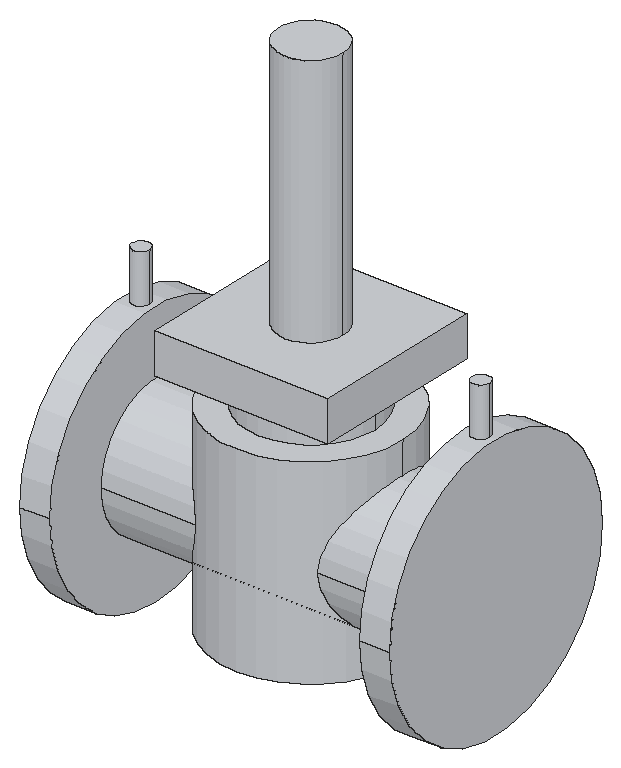
Revit family "OPTIMA_Compact_FLANGE_PN16_DN050-LF_RFA_2018", category Pipe Accessories, Revit 2018
Family settings
  Round Connector Dimension = Use Diameter
  Part Type = Valve - Breaks Into
  Work Plane-Based = No
  Always vertical = Yes
  Cut with Voids When Loaded = No
  Shared = No
Parameters (values of type "Optima Compact Flange PN16 DN050 LF")
  magiProductId = "Frese Optima Flange DN050 LF"
  magiProductFamilyId = "Frese Optima Flange *"
  magiPartTypeId = 304
  isMeasuringValve [instance] = no
  ang2D [instance] = 0.00°
  W2D = 50 mm
  VersionID = "2.0/2018.8.28.1/FRESE_OPTIMA_FLANGE_Q13_002"
  Use Minimum Symbol Size [instance] = yes
  URL = "www.hydronix.cz"
  Type Comments = "Přírubový; PN16; 0~120°C, s měřením"
  R4 = 40.3 mm
  R3 = 42.9 mm
  R1 = 57.5 mm
  QmdConnectorList = "301;D;302;D"
  Productdata [instance] = ""
  Manufacturer = "Hydronix"
  MC Product Code = "53-1200 (DN50 LF; 20mm; pohon min 1000N; Qmin-dpmin 2500l/h-6.5kPa; Qmax-dpmin 15000l/h-20.0kPa; dpmax 800kPa)"
  MC Piping Given Pressure Drop [instance] = 0.0 Pa
  LF__ve = -LF  # -18.4 mm
  LF2 = 9.2 mm
  LF = 18.4 mm
  L4 = 108.1 mm
  L3 = 193.2 mm
  L2D_Min = 3048 mm
  L2D = 230 mm
  L2 = 115 mm
  H6 = 157.3 mm
  H4 = 24.8 mm
  H3 = 20.6 mm
  H2 = 61.9 mm
  H1 = 123.8 mm
  Description = "Tlakově nezávislý 2-cestný regulační vyvažovací ventil (PICV)"
  DF2 = 82.5 mm
  D = 50 mm
  CAT0 = yes
Types (14, lengths in mm): name | magiProductId | magiProductFamilyId | W2D | Type Comments | R4 | R3 | R1 | MC Product Code | LF__ve | LF2 | LF | L4 | L3 | L2D | L2 | H6 | H4 | H3 | H2 | H1 | DF2 | D
  Optima Compact Flange PN16 DN050 LF | "Frese Optima Flange DN050 LF" | "Frese Optima Flange *" | 50 | "Přírubový; PN16; 0~120°C, s měřením" | 40.3 | 42.9 | 57.5 | "53-1200 (DN50 LF; 20mm; pohon min 1000N; Qmin-dpmin 2500l/h-6.5kPa; Qmax-dpmin 15000l/h-20.0kPa; dpmax 800kPa)" | -18.4 | 9.2 | 18.4 | 108.1 | 193.2 | 230 | 115 | 157.3 | 24.8 | 20.6 | 61.9 | 123.8 | 82.5 | 50
  Optima Compact Flange PN16 DN050 HF | "Frese Optima Flange DN050 HF" | "Frese Optima Flange *" | 50 | "Přírubový; PN16; 0~120°C, s měřením" | 40.25 | 42.9 | 57.5 | "53-1210 (DN50 HF; 20mm; pohon min 1000N; Qmin-dpmin 3900l/h-19.0kPa; Qmax-dpmin 24000l/h-50.0kPa; dpmax 800kPa)" | -18.4 | 9.2 | 18.4 | 108.1 | 193.2 | 230 | 115 | 157.25 | 24.75 | 20.625 | 61.875 | 123.75 | 82.5 | 50
  Optima Compact Flange PN16 DN065 LF | "Frese Optima Flange DN065 LF" | "Frese Optima Flange *" | 50 | "Přírubový; PN16; 0~120°C, s měřením" | 50.75 | 48.1 | 72.5 | "53-1201 (DN65 LF; 20mm; pohon min 1000N; Qmin-dpmin 4400l/h-15.0kPa; Qmax-dpmin 25000l/h-25.0kPa; dpmax 800kPa)" | -23.2 | 11.6 | 23.2 | 136.3 | 243.6 | 230 | 145 | 171.25 | 27.75 | 23.125 | 69.375 | 138.75 | 92.5 | 65
  Optima Compact Flange PN16 DN065 HF | "Frese Optima Flange DN065 HF" | "Frese Optima Flange *" | 50 | "Přírubový; PN16; 0~120°C, s měřením" | 50.75 | 48.1 | 72.5 | "53-1211 (DN65 HF; 20mm; pohon min 1000N; Qmin-dpmin 6000l/h-30.0kPa; Qmax-dpmin 35000l/h-55.0kPa; dpmax 800kPa)" | -23.2 | 11.6 | 23.2 | 136.3 | 243.6 | 230 | 145 | 171.25 | 27.75 | 23.125 | 69.375 | 138.75 | 92.5 | 65
  Optima Compact Flange PN16 DN080 LF | "Frese Optima Flange DN080 LF" | "Frese Optima Flange *" | 50 | "Přírubový; PN16; 0~120°C, s měřením" | 54.25 | 52 | 77.5 | "53-1202 (DN80 LF; 20mm; pohon min 1000N; Qmin-dpmin 5300l/h-16.0kPa; Qmax-dpmin 34000l/h-25.0kPa; dpmax 800kPa)" | -24.8 | 12.4 | 24.8 | 145.7 | 260.4 | 230 | 155 | 183 | 30 | 25 | 75 | 150 | 100 | 80
  Optima Compact Flange PN16 DN080 HF | "Frese Optima Flange DN080 HF" | "Frese Optima Flange *" | 50 | "Přírubový; PN16; 0~120°C, s měřením" | 54.25 | 52 | 77.5 | "53-1212 (DN80 HF; 20mm; pohon min 1000N; Qmin-dpmin 7000l/h-23.0kPa; Qmax-dpmin 43000l/h-50.0kPa; dpmax 800kPa)" | -24.8 | 12.4 | 24.8 | 145.7 | 260.4 | 230 | 155 | 183 | 30 | 25 | 75 | 150 | 100 | 80
  Optima Compact Flange PN16 DN100 LF | "Frese Optima Flange DN100 LF" | "Frese Optima Flange *" | 50 | "Přírubový; PN16; 0~120°C, s měřením" | 61.25 | 61.1 | 87.5 | "53-1203 (DN100 LF; 40mm; pohon min 1000N; Qmin-dpmin 12100l/h-20.0kPa; Qmax-dpmin 68000l/h-35.0kPa; dpmax 800kPa)" | -28 | 14 | 28 | 164.5 | 294 | 230 | 175 | 268.75 | 35.25 | 29.375 | 88.125 | 176.25 | 117.5 | 100
  Optima Compact Flange PN16 DN100 HF | "Frese Optima Flange DN100 HF" | "Frese Optima Flange *" | 50 | "Přírubový; PN16; 0~120°C, s měřením" | 61.25 | 61.1 | 87.5 | "53-1213 (DN100 HF; 40mm; pohon min 1000N; Qmin-dpmin 14800l/h-30.0kPa; Qmax-dpmin 90000l/h-75.0kPa; dpmax 800kPa)" | -28 | 14 | 28 | 164.5 | 294 | 230 | 175 | 268.75 | 35.25 | 29.375 | 88.125 | 176.25 | 117.5 | 100
  Optima Compact Flange PN16 DN125 LF | "Frese Optima Flange DN125 LF" | "Frese Optima Flange *" | 50 | "Přírubový; PN16; 0~120°C, s měřením" | 70 | 70.2 | 100 | "53-1204 (DN125 LF; 40mm; pohon min 1000N; Qmin-dpmin 18500l/h-16.0kPa; Qmax-dpmin 110000l/h-35.0kPa; dpmax 800kPa)" | -32 | 16 | 32 | 188 | 336 | 230 | 200 | 275.5 | 40.5 | 33.75 | 101.25 | 202.5 | 135 | 125
  Optima Compact Flange PN16 DN125 HF | "Frese Optima Flange DN125 HF" | "Frese Optima Flange *" | 50 | "Přírubový; PN16; 0~120°C, s měřením" | 70 | 70.2 | 100 | "53-1214 (DN125 HF; 40mm; pohon min 1000N; Qmin-dpmin 23000l/h-27.0kPa; Qmax-dpmin 135000l/h-53.0kPa; dpmax 800kPa)" | -32 | 16 | 32 | 188 | 336 | 230 | 200 | 275.5 | 40.5 | 33.75 | 101.25 | 202.5 | 135 | 125
  Optima Compact Flange PN16 DN150 LF | "Frese Optima Flange DN150 LF" | "Frese Optima Flange *" | 50 | "Přírubový; PN16; 0~110°C, s měřením" | 84 | 74.1 | 120 | "53-1205 (DN150 LF; 43mm; pohon min 1500N; Qmin-dpmin 25600l/h-21.0kPa; Qmax-dpmin 148000l/h-35.0kPa; dpmax 800kPa)" | -38.4 | 19.2 | 38.4 | 225.6 | 403.2 | 230 | 240 | 279.25 | 42.75 | 35.625 | 106.875 | 213.75 | 142.5 | 150
  Optima Compact Flange PN16 DN150 HF | "Frese Optima Flange DN150 HF" | "Frese Optima Flange *" | 50 | "Přírubový; PN16; 0~110°C, s měřením" | 84 | 74.1 | 120 | "53-1215 (DN150 HF; 43mm; pohon min 1500N; Qmin-dpmin 32000l/h-33.0kPa; Qmax-dpmin 195000l/h-65.0kPa; dpmax 800kPa)" | -38.4 | 19.2 | 38.4 | 225.6 | 403.2 | 230 | 240 | 279.25 | 42.75 | 35.625 | 106.875 | 213.75 | 142.5 | 150
  Optima Compact Flange PN16 DN200 LF | "" | "" | 100 | "Přírubový; PN16; 0~110°C, s měřením" | 164.5 | 98.8 | 235 | "53-1206 (DN200 LF; 43mm; pohon min 1500N; Qmin-dpmin 95000l/h-11.0kPa; Qmax-dpmin 210000l/h-32.0kPa; dpmax 800kPa)" | -48 | 24 | 48 | 282 | 504 | 350 | 300 | 281 | 57 | 15 | 209 | 380 | 190 | 200
  Optima Compact Flange PN16 DN200 HF | "" | "" | 100 | "Přírubový; PN16; 0~110°C, s měřením" | 164.5 | 98.8 | 235 | "53-1216 (DN200 HF; 43mm; pohon min 1500N; Qmin-dpmin 130000l/h-31.0kPa; Qmax-dpmin 280000l/h-78.0kPa; dpmax 800kPa)" | -48 | 24 | 48 | 282 | 504 | 350 | 300 | 281 | 57 | 15 | 209 | 380 | 190 | 200
Reference planes
  plane 1 "Center (Front/Back)": y = 0
  plane 2 "XYPLANE": z = 0
  plane 3 "Center (Left/Right)": x = 0
  plane 4 "157": x = 105.8
  plane 5 "156": x = -105.8
  plane 6 "155": z = 82.5
  plane 7 "154": z = 107.3
  plane 8 "153": z = 82.5
  plane 9 "152": z = 61.9
  plane 10 "151": x = -96.6
  plane 11 "150": z = -61.9
  plane 12 "149": x = 0
  plane 13 "148": y = 0
  plane 14 "147": z = 0
  plane 15 "146": x = -115
  plane 16 "145": x = 115
Forms (mm)
  Extrusion 1, solid, visible <- "CAT0"
    sketch origin (-750, 0, 82.5) x (1, 0, 0) y (0, 1, 0)
      loop
        circle (855.8, 0) r 5.5
    from 0 to 30
  Extrusion 2, solid, visible <- "CAT0"
    sketch origin (-750, 0, 82.5) x (1, 0, 0) y (0, 1, 0)
      loop
        circle (644.2, 0) r 5.5
    from 0 to 30
  Extrusion 3, solid, visible <- "CAT0"
    sketch origin (-750, 0, 107.3) x (1, 0, 0) y (0, 1, 0)
      loop
        circle (750, 0) r 20
    from 0 to 157.3 <- "H6"
  Extrusion 4, solid, visible <- "CAT0"
    sketch origin (-750, 0, 82.5) x (1, 0, 0) y (0, 1, 0)
      loop
        line (804.05, 54.05) -> (695.95, 54.05) -> (695.95, -54.05) -> (804.05, -54.05) -> (804.05, 54.05)
    from 0 to 24.8 <- "H4"
  Extrusion 5, solid, visible <- "CAT0"
    sketch origin (-750, 0, 61.9) x (1, 0, 0) y (0, 1, 0)
      loop
        circle (750, 0) r 40.3
    from 0 to 20.6 <- "H3"
  Extrusion 6, solid, visible <- "CAT0"
    sketch origin (-96.6, -750, 0) x (0, 1, 0) y (0, 0, 1)
      loop
        circle (750, 0) r 42.9
    from 0 to 193.2 <- "L3"
  Extrusion 7, solid, visible <- "CAT0"
    sketch origin (-750, 0, -61.9) x (1, 0, 0) y (0, 1, 0)
      loop
        circle (750, 0) r 57.5
    from 0 to 123.8 <- "H1"
  Extrusion 8, solid, visible <- "CAT0"
    sketch origin (-115, -750, 0) x (0, 1, 0) y (0, 0, 1)
      loop
        circle (750, 0) r 82.5
    from 0 to 18.4 <- "LF"
  Extrusion 9, solid, visible <- "CAT0"
    sketch origin (115, -750, 0) x (0, 1, 0) y (0, 0, 1)
      loop
        circle (750, 0) r 82.5
    from 0 to -18.4 <- "LF__ve"
  Extrusion 10, solid, not visible
    sketch origin (-115, -750, 0) x (0, 1, 0) y (0, 0, 1)
      loop
        circle (750, 0) r 10
    from 0 to 10
  Extrusion 11, solid, not visible
    sketch origin (115, -750, 0) x (0, 1, 0) y (0, 0, 1)
      loop
        circle (750, 0) r 10
    from 0 to -10
Lines and regions (mm)
  reference lines, not visible
    curve 1: circle (2, 2, 0) r 1 normal (0, 0, 1)
  reference lines
    curve 2: circle (0, 0, 82.5) r 1 normal (0, 0, 1)
Dimensions and locks
  plane 1 "Center (Front/Back)" to curve 1 = 2 mm
  "LF2": plane 16 "145" to plane 4 "157"
  "LF2": plane 15 "146" to plane 5 "156"
  "DF2": plane 2 "XYPLANE" to plane 6 "155"
  "H4": plane 8 "153" to plane 7 "154"
  "H3": plane 9 "152" to plane 8 "153"
  "H1": plane 11 "150" to plane 9 "152"
  "LF": plane 15 "146" to plane 10 "151"
  "H2": plane 2 "XYPLANE" to plane 11 "150"
  locked: plane 3 "Center (Left/Right)" to plane 12 "149"
  locked: plane 1 "Center (Front/Back)" to plane 13 "148"
  locked: plane 2 "XYPLANE" to plane 14 "147"
  "L2": plane 3 "Center (Left/Right)" to plane 15 "146"
  "L2": plane 3 "Center (Left/Right)" to plane 16 "145"
  equal spacing: Extrusion 4 sketch curve, curve 2, Extrusion 4 sketch curve  (x2)
  "L4": Extrusion 4 sketch curve to Extrusion 4 sketch curve  (x2)
  Extrusion 4 sketch curve to Extrusion 4 sketch curve = 0 mm  (x8)
  "R4": radius of Extrusion 5 sketch curve
  "R3": radius of Extrusion 6 sketch curve
  "R1": radius of Extrusion 7 sketch curve
  "DF2": radius of Extrusion 8 sketch curve
  "DF2": radius of Extrusion 9 sketch curve
  aligned and locked: level to plane 2 "XYPLANE"
  aligned and locked: plane 4 "157" to Extrusion 1 sketch curve
  aligned and locked: plane 13 "148" to Extrusion 1 sketch curve
  aligned and locked: plane 5 "156" to Extrusion 2 sketch curve
  aligned and locked: plane 13 "148" to Extrusion 2 sketch curve
  aligned and locked: plane 12 "149" to Extrusion 3 sketch curve
  aligned and locked: plane 13 "148" to Extrusion 3 sketch curve
  aligned and locked: plane 12 "149" to curve 2
  aligned and locked: plane 13 "148" to curve 2
  aligned and locked: plane 12 "149" to Extrusion 5 sketch curve
  aligned and locked: plane 13 "148" to Extrusion 5 sketch curve
  aligned and locked: Extrusion 6 sketch curve to plane 13 "148"
  aligned and locked: plane 14 "147" to Extrusion 6 sketch curve
  aligned and locked: plane 12 "149" to Extrusion 7 sketch curve
  aligned and locked: plane 13 "148" to Extrusion 7 sketch curve
  aligned and locked: Extrusion 8 sketch curve to plane 13 "148"
  aligned and locked: plane 14 "147" to Extrusion 8 sketch curve
  aligned and locked: Extrusion 9 sketch curve to plane 13 "148"
  aligned and locked: plane 14 "147" to Extrusion 9 sketch curve
  aligned and locked: Extrusion 10 sketch curve to plane 13 "148"
  aligned and locked: plane 14 "147" to Extrusion 10 sketch curve
  aligned and locked: Extrusion 11 sketch curve to plane 13 "148"
  aligned and locked: plane 14 "147" to Extrusion 11 sketch curve
Automatic sketch dimensions
  Extrusion 1 sketch curve to plane 4 "157" = 5.5 mm
  plane 15 "146" to Extrusion 2 sketch curve = 3.7 mm
  Extrusion 3 sketch curve to plane 3 "Center (Left/Right)" = 20 mm
  plane 1 "Center (Front/Back)" to Extrusion 10 sketch curve = 10 mm
  plane 1 "Center (Front/Back)" to Extrusion 11 sketch curve = 10 mm
  plane 3 "Center (Left/Right)" to curve 1 = 2 mm
  plane 10 "151" to Extrusion 4 sketch curve = 42.55 mm
  plane 1 "Center (Front/Back)" to Extrusion 4 sketch curve = 54.05 mm
  radius of curve 2 = 1 mm
  radius of curve 1 = 1 mm
Connectors
  piping at (-115, 0, 0), diameter 50, driven by "D"
    settings: on Extrusion 10, index 1, connector inside diameter 609.6 mm, connector length 0 mm, flow factor 0, pipe flow 0.0 L/s, pressure drop 0.0 Pa, fitting loss kfactor 0, connector angle 0.00°, fixture units 0, engagement length 0 mm, angle of deflection 0.00°, flow configuration 0, flow direction 0, fitting loss method 0, system type 29, joint type 0, gender type 0, connector reference index 2, connector utility 0, adjustable connector no, is connector primary yes, connector description ""
  piping at (115, 0, 0), diameter 50, driven by "D"
    settings: on Extrusion 11, index 2, connector inside diameter 609.6 mm, connector length 0 mm, flow factor 0, pipe flow 0.0 L/s, pressure drop 0.0 Pa, fitting loss kfactor 0, connector angle 0.00°, fixture units 0, engagement length 0 mm, angle of deflection 0.00°, flow configuration 0, flow direction 0, fitting loss method 0, system type 29, joint type 0, gender type 0, connector reference index 1, connector utility 0, adjustable connector no, is connector primary no, connector description ""
